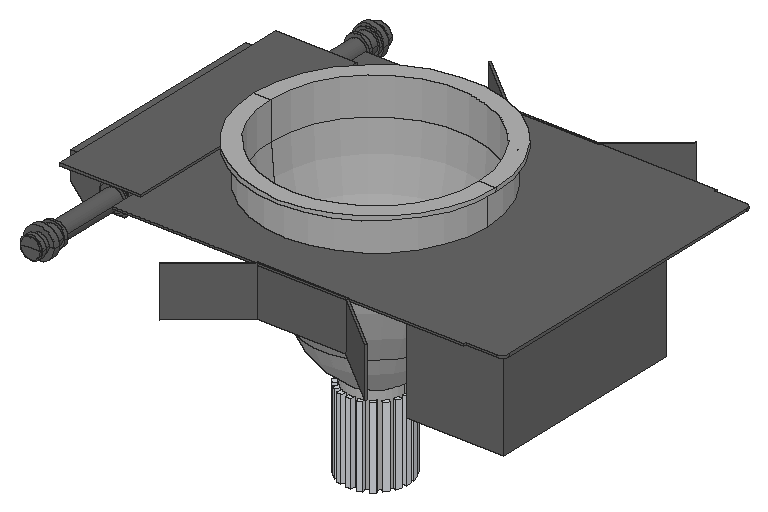
Revit family "CFQ8-VER", category Lighting Fixtures, host Face, Revit 2014
Parameters (values of type "CFQ826EB-Open & Wall Wash")
  Watts = 26 W
  Wattage Comments = "26W"  # constant formula
  Wattage = 26 W
  built-in parameter 1150110 = 1 (stored number, unit not read)
  Voltage = 120 V
  URL = "https://www.hubbell.com/prescolite/en/"
  built-in parameter 1114217 = 1 (stored number, unit not read)
  Tilt Angle = -90.00°
  built-in parameter 1150109 = 1 (stored number, unit not read)
  built-in parameter 1150134 = 3
  built-in parameter 1150113 = 1 (stored number, unit not read)
  Product Page URL = "https://www.hubbell.com/prescolite/en/Products/Lighting-Controls/Commercial-Indoor-Lighting/Recessed-Downlights/CFT8CFQ8-Vertical/p/212853"
  Product Documentation Link = "https://hubbellcdn.com/specsheet/arch_cfl_033.pdf"
  Power Factor = 0.97
  Photometric Web Link = "https://www.hubbell.com/prescolite/en/Products/Lighting-Controls/Commercial-Indoor-Lighting/Recessed-Downlights/CFT8CFQ8-Vertical/p/212853"
  Photometric Web File = "CFT832EB.ies"
  Photometric Notes = "More IES files download on Photometric Web Link"  # constant formula
  Model = "CFQ8 Vertical"  # constant formula
  Manufacturer = "Prescolite"  # constant formula
  built-in parameter 1150105 = 823 (stored number, unit not read)
  Lumens = 1794 lm
  built-in parameter 1150115 = 1 (stored number, unit not read)
  Load Classification = Lighting
  built-in parameter 1150137 = (empty or 0)
  built-in parameter 1150139 = (empty or 0)
  built-in parameter 1150112 = 1 (stored number, unit not read)
  built-in parameter 1150114 = 1 (stored number, unit not read)
  Lamp = "CFL"  # constant formula
  built-in parameter 1150132 = (empty or 0)
  built-in parameter 1150102 = (empty or 0)
  built-in parameter 1150107 = 3200 (stored number, unit not read)
  built-in parameter 1150138 = (empty or 0)
  built-in parameter 1150106 = 8.23 (stored number, unit not read)
  Housing = Steel - Hubbell
  Finish = Hubbell - Black
  Emit from Circle Diameter = 8"  # constant formula
  Emit Shape Visible in Rendering = no
  built-in parameter 1150104 = 6.4103 (stored number, unit not read)
  Dimming Lamp Color Temperature Shift = <None>
  Description = "8'' Vertical Open, Wall Wash and Regressed Lensed Downlights"  # constant formula
  Default Elevation = 22"
  Contact Us = "https://www.hubbell.com/prescolite/en/contactUs"
  Color Filter = 16777215
  built-in parameter 1114218 = 1 (stored number, unit not read)
  built-in parameter 1150133 = 10 (stored number, unit not read)
  Assembly Code = "D5020210"
  Apparent Load = Watts / Power Factor  # 26.8041 VA
Types (2): name | Product Documentation Link | built-in parameter 1150105 | Lumens | built-in parameter 1150106 | Finish | built-in parameter 1150104
  CFQ826EB-Open & Wall Wash | "https://hubbellcdn.com/specsheet/arch_cfl_033.pdf" | 823 (stored number, unit not read) | 1794 lm | 8.23 (stored number, unit not read) | Hubbell - Black | 6.4103 (stored number, unit not read)
  CFQ826EB-Regressed Lens | "https://hubbellcdn.com/specsheet/arch_cfl_061.pdf" | 824.19 (stored number, unit not read) | 1796.6 lm | 8.2419 (stored number, unit not read) | Steel - Hubbell | 6.4196 (stored number, unit not read)
Reference planes (in)
  plane 1 "Center (Front/Back)": y = 0
  plane 2: z = 0
  plane 3 "Center (Left/Right)": x = 0
  plane 4: z = 0.27382
Dimensions and locks (in)
  aligned and locked: plane 2 to host face
  aligned and locked: level to host face
  aligned and locked: imposter light to plane 1 "Center (Front/Back)"
  aligned and locked: plane 3 "Center (Left/Right)" to nested 1
  aligned and locked: plane 1 "Center (Front/Back)" to nested 1
  aligned and locked: imposter light to plane 4
Nested families (in)
  nested 1: "CFT832EB" at (0.64787, 0, 0), type "CFT832EB"
Connectors (in)
  electrical at (5.98143, 0.01598, -5.98527), driven by "Load Classification", driven by "Voltage", driven by "Apparent Load", driven by "Power Factor"
    settings: on nested 1, index 1, voltage 120 V, apparent load 26.8041 VA, apparent load phase1 0 VA, apparent load phase2 0 VA, apparent load phase3 0 VA, power factor 0.97, load classification "Lighting", number of poles 1, system type 30, power factor state 1, is connector primary yes, connector utility no, sub classification motor no, connector description "Lighting Connector"
Definition of nested family "CFT832EB"
  Parameters (values of type "CFT832EB")
    Wattage Comments = "26W, 36W, 42W"
    Voltage = 120 V
    URL = ""
    Model = ""
    Manufacturer = ""
    Lamp = "CFL"
    Housing = none
    Glass = none
    Finish = none
    Description = ""
    Default Elevation = 22"
    Apparent Load = 0 VA
  Reference planes (in)
    plane 1 "Center (Front/Back)": y = 0
    plane 2: z = 0
    plane 3 "Center (Left/Right)": x = 0
    plane 4: y = -7.68
    plane 5: x = -0.64787
    plane 6: z = -11.5
    plane 7: x = 8.75
    plane 8: x = -8.75
    plane 9: y = 7.68
    plane 10: y = 5.875
    plane 11: y = -5.875
  Forms (in)
    Extrusion 1, solid
      sketch origin (0, 0, 0) x (1, 0, 0) y (0, 1, 0)
        loop
          line (-48, 64) -> (-48, -59.14567) -> (48, -59.14567) -> (48, 64) -> (-48, 64)
      from 0 to -1.25
    Revolve 2, solid, material <- "Housing"
      sketch origin (0, 0, -7.17078) x (1, 0, 0) y (0, 0, 1)
        loop
          line (-4.83572, 7.17078) -> (-4.83572, 5.92201) -> (-4.64787, 5.92201)
          arc (-4.64787, 5.92201) -> (-4.26661, 3.54599) -> (-3.16112, 1.40853) r 7.59434
          arc (-3.16112, 1.40853) -> (-2.5811, 0.40127) -> (-1.73256, -0.39307) r 3.94227
          line (-1.73256, -0.39307) -> (-1.73256, -3.70422) -> (-0.64787, -3.70422) -> (-0.64787, -0.32922) -> (-1.60395, -0.32922)
          arc (-1.60395, -0.32922) -> (-2.46572, 0.4571) -> (-3.04975, 1.46697) r 3.81727
          arc (-3.04975, 1.46697) -> (-4.14504, 3.57523) -> (-4.52287, 5.92078) r 7.46934
          line (-4.52287, 5.92078) -> (-4.52287, 7.31961) -> (-5.14787, 7.31961) -> (-5.14787, 7.17078) -> (-4.83572, 7.17078)
        axis (-0.64787, -3.70422) -> (-0.64787, 7.31961)
      angle from 0 to 360
    Sweep 3, solid, material <- "Finish"
      path origin (0, 0, -7.17078) x (1, 0, 0) y (0, 0, 1)
        loop
          line (-0.38165, 5.92078) -> (-0.38165, 5.84578)
      profile origin (-0.38165, 0, -1.2875) x (0, -1, 0) y (1, 0, 0)
        loop
          line (-5.875, -5.33125) -> (5.875, -5.33125) -> (5.875, 7.7136) -> (5.77538, 7.7136) -> (5.77538, 8.88165)
          arc (5.77538, 8.88165) -> (5.70216, 9.05843) -> (5.52538, 9.13165) r 0.25
          line (5.52538, 9.13165) -> (-5.50536, 9.13165)
          arc (-5.50536, 9.13165) -> (-5.68213, 9.05843) -> (-5.75536, 8.88165) r 0.25
          line (-5.75536, 8.88165) -> (-5.75536, 7.74648) -> (-5.875, 7.74648) -> (-5.875, -5.33125)
    Sweep 4, solid, material <- "Finish"
      path origin (0, 0, 0) x (1, 0, 0) y (0, 1, 0)
        loop
          line (5.12586, -3.74938) -> (5.12586, 3.78134)
      profile origin (5.12586, 0.01598, 0) x (-1, 0, 0) y (0, 0, 1)
        loop
          line (1.59833, -5.98527) -> (1.59833, -1.325) -> (-2.01374, -1.325) -> (-2.01374, -5.98527) -> (1.59833, -5.98527)
    Sweep 5, solid, material <- "Finish"
      path origin (0, 0.20871, -7.17078) x (1, 0, 0) y (0, 0, -1)
        loop
          line (1.27879, -4.07259) -> (1.27879, -5.92078)
      profile origin (1.27879, 0.20871, -2.1741) x (1, 0, 0) y (0, 1, 0)
        loop
          line (-1.63925, 5.6116) -> (1.71485, 5.6116) -> (3.88555, 7.43303) -> (3.84729, 7.47129) -> (1.69617, 5.66629) -> (-1.62057, 5.66629) -> (-3.77169, 7.47129) -> (-3.80995, 7.43303) -> (-1.63925, 5.6116)
    Extrusion 6, void
      sketch origin (0, 0, 0) x (1, 0, 0) y (0, 1, 0)
        loop
          circle (-0.64787, 0) r 3.96101
      from -2.80525 to 0.14882
    Extrusion 7, solid
      sketch origin (0, 0, 0.625) x (1, 0, 0) y (0, 1, 0)
        loop
          line (0.42753, 0.0943) -> (0.42753, -0.1057) -> (0.6022, -0.1057) -> (0.6022, 0.0943) -> (0.42753, 0.0943)
      from -11.5 to -8.51329
    Extrusion 8, void
      sketch origin (0, 0, 0) x (1, 0, 0) y (0, 1, 0)
        loop
          circle (-0.64787, 0) r 4
      from -1.86273 to -0.77902
    Extrusion 9, solid
      sketch origin (-0.03171, -0.2002, 0.625) x (0.951057, -0.309017, 0) y (0.309017, 0.951057, 0)
        loop
          line (0.42753, 0.0943) -> (0.42753, -0.1057) -> (0.6022, -0.1057) -> (0.6022, 0.0943) -> (0.42753, 0.0943)
      from -11.5 to -8.51329
    Extrusion 10, solid
      sketch origin (-0.12373, -0.38081, 0.625) x (0.809017, -0.587785, 0) y (0.587785, 0.809017, 0)
        loop
          line (0.42753, 0.0943) -> (0.42753, -0.1057) -> (0.6022, -0.1057) -> (0.6022, 0.0943) -> (0.42753, 0.0943)
      from -11.5 to -8.51329
    Extrusion 11, solid
      sketch origin (-0.26706, -0.52414, 0.625) x (0.587785, -0.809017, 0) y (0.809017, 0.587785, 0)
        loop
          line (0.42753, 0.0943) -> (0.42753, -0.1057) -> (0.6022, -0.1057) -> (0.6022, 0.0943) -> (0.42753, 0.0943)
      from -11.5 to -8.51329
    Extrusion 12, solid
      sketch origin (-0.44767, -0.61616, 0.625) x (0.309017, -0.951057, 0) y (0.951057, 0.309017, 0)
        loop
          line (0.42753, 0.0943) -> (0.42753, -0.1057) -> (0.6022, -0.1057) -> (0.6022, 0.0943) -> (0.42753, 0.0943)
      from -11.5 to -8.51329
    Extrusion 13, solid
      sketch origin (-0.64787, -0.64787, 0.625) x (0, -1, 0) y (1, 0, 0)
        loop
          line (0.42753, 0.0943) -> (0.42753, -0.1057) -> (0.6022, -0.1057) -> (0.6022, 0.0943) -> (0.42753, 0.0943)
      from -11.5 to -8.51329
    Extrusion 14, solid
      sketch origin (-0.84808, -0.61616, 0.625) x (-0.309017, -0.951057, 0) y (0.951057, -0.309017, 0)
        loop
          line (0.42753, 0.0943) -> (0.42753, -0.1057) -> (0.6022, -0.1057) -> (0.6022, 0.0943) -> (0.42753, 0.0943)
      from -11.5 to -8.51329
    Extrusion 15, solid
      sketch origin (-1.02868, -0.52414, 0.625) x (-0.587785, -0.809017, 0) y (0.809017, -0.587785, 0)
        loop
          line (0.42753, 0.0943) -> (0.42753, -0.1057) -> (0.6022, -0.1057) -> (0.6022, 0.0943) -> (0.42753, 0.0943)
      from -11.5 to -8.51329
    Extrusion 16, solid
      sketch origin (-1.17201, -0.38081, 0.625) x (-0.809017, -0.587785, 0) y (0.587785, -0.809017, 0)
        loop
          line (0.42753, 0.0943) -> (0.42753, -0.1057) -> (0.6022, -0.1057) -> (0.6022, 0.0943) -> (0.42753, 0.0943)
      from -11.5 to -8.51329
    Extrusion 17, solid
      sketch origin (-1.26404, -0.2002, 0.625) x (-0.951057, -0.309017, 0) y (0.309017, -0.951057, 0)
        loop
          line (0.42753, 0.0943) -> (0.42753, -0.1057) -> (0.6022, -0.1057) -> (0.6022, 0.0943) -> (0.42753, 0.0943)
      from -11.5 to -8.51329
    Extrusion 18, solid
      sketch origin (-1.29575, 0, 0.625) x (-1, 0, 0) y (0, -1, 0)
        loop
          line (0.42753, 0.0943) -> (0.42753, -0.1057) -> (0.6022, -0.1057) -> (0.6022, 0.0943) -> (0.42753, 0.0943)
      from -11.5 to -8.51329
    Extrusion 19, solid
      sketch origin (-1.26404, 0.2002, 0.625) x (-0.951057, 0.309017, 0) y (-0.309017, -0.951057, 0)
        loop
          line (0.42753, 0.0943) -> (0.42753, -0.1057) -> (0.6022, -0.1057) -> (0.6022, 0.0943) -> (0.42753, 0.0943)
      from -11.5 to -8.51329
    Extrusion 20, solid
      sketch origin (-1.17201, 0.38081, 0.625) x (-0.809017, 0.587785, 0) y (-0.587785, -0.809017, 0)
        loop
          line (0.42753, 0.0943) -> (0.42753, -0.1057) -> (0.6022, -0.1057) -> (0.6022, 0.0943) -> (0.42753, 0.0943)
      from -11.5 to -8.51329
    Extrusion 21, solid
      sketch origin (-1.02868, 0.52414, 0.625) x (-0.587785, 0.809017, 0) y (-0.809017, -0.587785, 0)
        loop
          line (0.42753, 0.0943) -> (0.42753, -0.1057) -> (0.6022, -0.1057) -> (0.6022, 0.0943) -> (0.42753, 0.0943)
      from -11.5 to -8.51329
    Extrusion 22, solid
      sketch origin (-0.84808, 0.61616, 0.625) x (-0.309017, 0.951057, 0) y (-0.951057, -0.309017, 0)
        loop
          line (0.42753, 0.0943) -> (0.42753, -0.1057) -> (0.6022, -0.1057) -> (0.6022, 0.0943) -> (0.42753, 0.0943)
      from -11.5 to -8.51329
    Extrusion 23, solid
      sketch origin (-0.64787, 0.64787, 0.625) x (0, 1, 0) y (-1, 0, 0)
        loop
          line (0.42753, 0.0943) -> (0.42753, -0.1057) -> (0.6022, -0.1057) -> (0.6022, 0.0943) -> (0.42753, 0.0943)
      from -11.5 to -8.51329
    Extrusion 24, solid
      sketch origin (-0.44767, 0.61616, 0.625) x (0.309017, 0.951057, 0) y (-0.951057, 0.309017, 0)
        loop
          line (0.42753, 0.0943) -> (0.42753, -0.1057) -> (0.6022, -0.1057) -> (0.6022, 0.0943) -> (0.42753, 0.0943)
      from -11.5 to -8.51329
    Extrusion 25, solid
      sketch origin (-0.26706, 0.52414, 0.625) x (0.587785, 0.809017, 0) y (-0.809017, 0.587785, 0)
        loop
          line (0.42753, 0.0943) -> (0.42753, -0.1057) -> (0.6022, -0.1057) -> (0.6022, 0.0943) -> (0.42753, 0.0943)
      from -11.5 to -8.51329
    Extrusion 26, solid
      sketch origin (-0.12373, 0.38081, 0.625) x (0.809017, 0.587785, 0) y (-0.587785, 0.809017, 0)
        loop
          line (0.42753, 0.0943) -> (0.42753, -0.1057) -> (0.6022, -0.1057) -> (0.6022, 0.0943) -> (0.42753, 0.0943)
      from -11.5 to -8.51329
    Extrusion 27, solid
      sketch origin (-0.03171, 0.2002, 0.625) x (0.951057, 0.309017, 0) y (-0.309017, 0.951057, 0)
        loop
          line (0.42753, 0.0943) -> (0.42753, -0.1057) -> (0.6022, -0.1057) -> (0.6022, 0.0943) -> (0.42753, 0.0943)
      from -11.5 to -8.51329
    Sweep 28, solid, material <- "Finish"
      path origin (0.00021, -0.01887, 0) x (1, 0, 0) y (0, 1, 0)
        loop
          line (-7.94413, 4.12344) -> (-7.94413, -3.99429)
      profile origin (-7.94392, 0.0457, 0) x (1, 0, 0) y (0, 0, 1)
        loop
          line (-0.80587, -1.25) -> (-0.80587, -2.27623) -> (-0.36197, -2.80525) -> (1.20109, -2.80525) -> (1.60076, -2.40558) -> (1.60076, -1.25) -> (-0.80587, -1.25)
    Revolve 29, solid, material <- "Finish"
      sketch origin (0.00021, -0.01887, -2.10708) x (1, 0, 0) y (0, 1, 0)
        loop
          line (-6.96996, 8.21657) -> (-7.33286, 8.21657) -> (-7.33286, 8.17224) -> (-7.38828, 8.17224) -> (-7.38828, 8.01708) -> (-7.33286, 8.01708) -> (-7.33286, 7.82412) -> (-7.54669, 7.82412) -> (-7.54669, 7.6121) -> (-7.46037, 7.6121) -> (-7.46037, 7.54522) -> (-7.35461, 7.54522) -> (-7.35461, 7.19411) -> (-7.43858, 7.19411) -> (-7.43858, 7.09067) -> (-7.30908, 7.09067) -> (-7.30908, 4.36632) -> (-7.46037, 4.36632) -> (-7.46037, 4.29944) -> (-7.54669, 4.29944) -> (-7.54669, 4.12344) -> (-6.96996, 4.12344) -> (-6.96996, 8.21657)
        axis (-6.96996, 8.21657) -> (-6.96996, 4.12344)
      angle from 0 to 360
    Sweep 30, solid, material <- "Finish"
      path origin (0.00021, -0.01887, -7.17078) x (1, 0, 0) y (0, 0, 1)
        loop
          line (-6.75, 5.92078) -> (-6.75, 5.9961)
      profile origin (-6.74979, -0.01887, -1.21234) x (-1, 0, 0) y (0, -1, 0)
        loop
          line (1.66154, -5.13041) -> (1.66154, 4.92223) -> (-1.33846, 4.92223) -> (-1.33846, -5.13041) -> (1.66154, -5.13041)
    Revolve 31, solid, material <- "Finish"
      sketch origin (0.00021, 0.11028, -2.10708) x (1, 0, 0) y (0, 1, 0)
        loop
          line (-6.96996, -8.21657) -> (-6.96996, -4.12344) -> (-7.54669, -4.12344) -> (-7.54669, -4.29944) -> (-7.46037, -4.29944) -> (-7.46037, -4.36632) -> (-7.30908, -4.36632) -> (-7.30908, -7.09067) -> (-7.43858, -7.09067) -> (-7.43858, -7.19411) -> (-7.35461, -7.19411) -> (-7.35461, -7.54522) -> (-7.46037, -7.54522) -> (-7.46037, -7.6121) -> (-7.54669, -7.6121) -> (-7.54669, -7.82412) -> (-7.33286, -7.82412) -> (-7.33286, -8.01708) -> (-7.38828, -8.01708) -> (-7.38828, -8.17224) -> (-7.33286, -8.17224) -> (-7.33286, -8.21657) -> (-6.96996, -8.21657)
        axis (-6.96996, -8.21657) -> (-6.96996, -4.12344)
      angle from 0 to 360
    Sweep 32, solid, material <- "Finish"
      path origin (0, -0.20871, -7.17078) x (1, 0, 0) y (0, 0, 1)
        loop
          line (1.27879, 4.07259) -> (1.27879, 5.92078)
      profile origin (1.27879, -0.20871, -2.1741) x (-1, 0, 0) y (0, -1, 0)
        loop
          line (1.63925, 5.6116) -> (3.80995, 7.43303) -> (3.77169, 7.47129) -> (1.62057, 5.66629) -> (-1.69617, 5.66629) -> (-3.84729, 7.47129) -> (-3.88555, 7.43303) -> (-1.71485, 5.6116) -> (1.63925, 5.6116)
  Cuts and joins
    Extrusion 8 cuts Sweep 3
  Dimensions and locks (in)
    plane 8 to plane 7 = 17 1/2"
    plane 9 to plane 4 = 15.36"
    plane 10 to plane 11 = 11 3/4"
    aligned and locked: plane 2 to Extrusion 1
    aligned and locked: level to Extrusion 1
    aligned and locked: Revolve 2 to Extrusion 7
